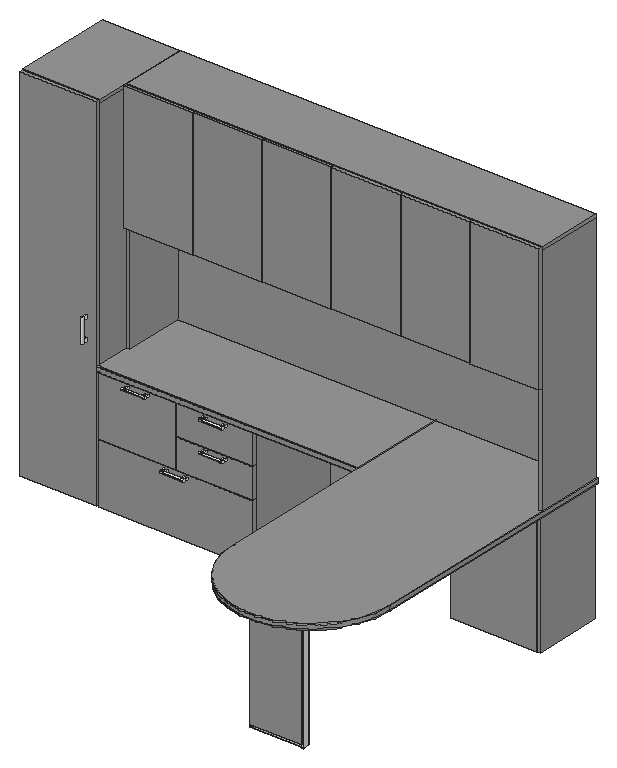
Revit family "JSI-Vision-Typical_Laminate-VST013-", category Furniture, Revit 2020 (continued)
Definition of nested family "JSI-Vision-Executive_Base"
  Forms (in)
    Extrusion 2, solid, material <- "Support Finish"
      sketch origin (0, 0, 0) x (1, 0, 0) y (0, 1, 0)
        loop
          line (3.5, -12.25) -> (3.5, -0.25)
          arc (3.5, -0.25) -> (3.4267767, -0.0732233) -> (3.25, 0) r 0.25
          line (3.25, 0) -> (-3.25, 0)
          arc (-3.25, 0) -> (-3.4267767, -0.0732233) -> (-3.5, -0.25) r 0.25
          line (-3.5, -0.25) -> (-3.5, -12.25)
          arc (-3.5, -12.25) -> (-3.4267767, -12.4267767) -> (-3.25, -12.5) r 0.25
          line (-3.25, -12.5) -> (3.25, -12.5)
          arc (3.25, -12.5) -> (3.4267767, -12.4267767) -> (3.5, -12.25) r 0.25
      from 28.1875 to 28.3125
    Extrusion 3, solid, material <- "Panel Finish"
      sketch origin (0, 0, 0) x (0, 1, 0) y (0, 0, 1)
        loop
          line (0, 28.1875) -> (-12, 28.1875) -> (-12, 0.5) -> (0, 0.5) -> (0, 28.1875)
      from -0.75 to 0.75
  Lines and regions (in)
    symbolic lines
      curve 1: line (3.5, -12.25, 0) -> (3.5, -0.25, 0)
      curve 2: arc (3.5, -0.25, 0) -> (3.4267767, -0.0732233, 0) -> (3.25, 0, 0) r 0.25
      curve 3: line (3.25, 0, 0) -> (-3.25, 0, 0)
      curve 4: arc (-3.25, 0, 0) -> (-3.4267767, -0.0732233, 0) -> (-3.5, -0.25, 0) r 0.25
      curve 5: line (-3.5, -0.25, 0) -> (-3.5, -12.25, 0)
      curve 6: arc (-3.5, -12.25, 0) -> (-3.4267767, -12.4267767, 0) -> (-3.25, -12.5, 0) r 0.25
      curve 7: line (-3.25, -12.5, 0) -> (3.25, -12.5, 0)
      curve 8: arc (3.25, -12.5, 0) -> (3.4267767, -12.4267767, 0) -> (3.5, -12.25, 0) r 0.25
      curve 9: line (0.75, -12.5, 0) -> (0.75, 0, 0)
      curve 10: line (-0.75, 0, 0) -> (-0.75, -12.5, 0)
  Dimensions and locks (in)
    "Height": plane 5 to plane 4
    equal spacing: plane 6, plane 3 "Center Left/Right", plane 7
    plane 6 to plane 7 = 7"
    "Width": plane 8 to plane 1 "Center Front/Back"
    equal spacing: plane 9, plane 3 "Center Left/Right", plane 10, locked at 0.75 each
    "Depth": plane 9 to plane 10
    locked: Sweep 1 sketch curve to plane 4 at 0.5
    locked: plane 11 to plane 5 at 0.125
    locked: Extrusion 3 to plane 4 at 0.5
    locked: Extrusion 3 to plane 8 at 0.5
    aligned and locked: level to plane 2
    aligned and locked: plane 4 to Sweep 1 sketch curve
    aligned and locked: Sweep 1 sketch curve to plane 9
    aligned and locked: Sweep 1 sketch curve to plane 10
    aligned and locked: Extrusion 2 sketch curve to plane 1 "Center Front/Back"
    aligned and locked: plane 8 to Extrusion 2 sketch curve
    aligned and locked: plane 6 to Extrusion 2 sketch curve
    aligned and locked: Extrusion 2 sketch curve to plane 7
    aligned and locked: plane 5 to Extrusion 2
    aligned and locked: plane 11 to Extrusion 2
    aligned and locked: plane 11 to Sweep 1 sketch curve
    aligned and locked: Extrusion 3 to plane 1 "Center Front/Back"
    aligned and locked: Extrusion 3 to plane 11
    aligned and locked: plane 9 to Extrusion 3
    aligned and locked: plane 10 to Extrusion 3
    aligned and locked: curve 2 to Extrusion 2
    aligned and locked: curve 4 to Extrusion 2
    aligned and locked: curve 6 to Extrusion 2
    aligned and locked: curve 8 to Extrusion 2
    aligned and locked: curve 9 to Extrusion 3
    aligned and locked: curve 10 to Extrusion 3
  Automatic sketch dimensions
    Sweep 1 sketch curve to plane 8 = 0"
    Sweep 1 sketch curve to level = 0"
    Sweep 1 sketch curve to plane 1 "Center Front/Back" = 0"
    Sweep 1 sketch curve to Sweep 1 sketch curve = 0.03036"
    Sweep 1 sketch curve to Sweep 1 sketch curve = 1/32"
    profile plane to Sweep 1 sketch curve = 1/32"  (x2)
    Extrusion 2 sketch curve to Extrusion 2 sketch curve = 1/4"  (x2)
    Extrusion 2 sketch curve to plane 6 = 1/4"
    plane 7 to Extrusion 2 sketch curve = 1/4"
    Extrusion 3 sketch curve to plane 8 = 1/2"
    Extrusion 3 sketch curve to Extrusion 3 sketch curve = 12"
    level to Extrusion 3 sketch curve = 1/2"
    plane 11 to Extrusion 3 sketch curve = 0"
Definition of nested family "JSI-Vision-Support_Rail_Work_Surface"
  Parameters (values of type "GP0243SB, Metal Support Rail for Work Surface  2W 43 L 3/4H")
    Width = 43"
    URL = "www.jsifurniture.com"
    Type Comments = ""
    Series = "Vision Casegoods"  # constant formula
    Support Finish = none
    Model = "GP0243SB"
    Material = ""
    Manufacturer = "JSI"  # constant formula
    Keynote = "12500"  # constant formula
    JSI Enviromental Website = "http://www.jsifurniture.com/jsi_sustainability_intro.php"
    Height = 25/32"
    Description = "Metal Support Rail for Work Surface  2W 43 L 3/4H"
    Depth = 2"
    Default Elevation = 0"
    Assembly Code = "E2020200"
  Types (3): name | Width | Model | Description
    GP0243SB, Metal Support Rail for Work Surface  2W 43 L 3/4H | 43" | "GP0243SB" | "Metal Support Rail for Work Surface  2W 43 L 3/4H"
    GP0249SB, Metal Support Rail for Work Surface  2W49 L 3/4H | 49" | "GP0249SB" | "Metal Support Rail for Work Surface  2W49 L 3/4H"
    GP0255SB, Metal Support Rail for Work Surface  2W 55 L 3/4H | 55" | "GP0255SB" | "Metal Support Rail for Work Surface  2W 55 L 3/4H"
  Reference planes (in)
    plane 1 "Center Front/Back": y = 0
    plane 2: z = 0
    plane 3 "Center Left/Right": x = 0
    plane 4: z = 0
    plane 5: z = 27.8122205
    plane 6: x = 43
    plane 7: y = -2
  Forms (in)
    Extrusion 1, solid, material <- "Support Finish"
      sketch origin (0, 0, 0) x (0, 1, 0) y (0, 0, 1)
        loop
          line (0, 27.7497205) -> (0, 27.8122205) -> (-0.533449, 27.8122205) -> (-1, 27.112394) -> (-1.466551, 27.8122205) -> (-2, 27.8122205) -> (-2, 27.7497205) -> (-1.5, 27.7497205) -> (-1.0404758, 27.0604342)
          arc (-1.0404758, 27.0604342) -> (-1, 27.0387722) -> (-0.9595242, 27.0604342) r 0.0486459
          line (-0.9595242, 27.0604342) -> (-0.5, 27.7497205) -> (0, 27.7497205)
      from 0 to 43
  Lines and regions (in)
    symbolic lines
      curve 1: line (0, 0, 0) -> (43, 0, 0)
      curve 2: line (0, -2, 0) -> (0, 0, 0)
      curve 3: line (43, -2, 0) -> (0, -2, 0)
      curve 4: line (43, 0, 0) -> (43, -2, 0)
      curve 5: line (0, -1.466551, 0) -> (43, -1.466551, 0)
      curve 6: line (43, -0.533449, 0) -> (0, -0.533449, 0)
      curve 7: line (0, -1, 0) -> (43, -1, 0)
  Dimensions and locks (in)
    "Width": plane 3 "Center Left/Right" to plane 6
    "Depth": plane 1 "Center Front/Back" to plane 7
    aligned and locked: level to plane 2
    aligned and locked: plane 4 to plane 2
    aligned and locked: Extrusion 1 to plane 3 "Center Left/Right"
    aligned and locked: plane 6 to Extrusion 1
    aligned and locked: plane 3 "Center Left/Right" to curve 2
    aligned and locked: curve 4 to plane 6
    aligned and locked: plane 1 "Center Front/Back" to curve 1
    aligned and locked: plane 7 to curve 3
    aligned and locked: curve 5 to Extrusion 1
    aligned and locked: curve 6 to Extrusion 1
    aligned and locked: curve 7 to Extrusion 1
  Automatic sketch dimensions
    Extrusion 1 sketch curve to plane 7 = 0"
    Extrusion 1 sketch curve to plane 5 = 0"  (x2)
    Extrusion 1 sketch curve to plane 1 "Center Front/Back" = 0"
    Extrusion 1 sketch curve to plane 5 = 1/16"  (x2)
    Extrusion 1 sketch curve to Extrusion 1 sketch curve = 1/2"
    Extrusion 1 sketch curve to Extrusion 1 sketch curve = 0.03345"  (x2)
    Extrusion 1 sketch curve to Extrusion 1 sketch curve = 0.45952"
    Extrusion 1 sketch curve to Extrusion 1 sketch curve = 0.04048"  (x2)
    Extrusion 1 sketch curve to Extrusion 1 sketch curve = 0"
    Extrusion 1 sketch curve to Extrusion 1 sketch curve = 0.53345"
    Extrusion 1 sketch curve to plane 5 = 0.69983"
    Extrusion 1 sketch curve to Extrusion 1 sketch curve = 0.02498"
    Extrusion 1 sketch curve to Extrusion 1 sketch curve = 0.02698"
Definition of nested family "JSI-Vision-Modular_Wing_End_Support"
  Parameters (values of type "Wing End Sup - Type Catalog Family")
    Width = 16"
    URL = "www.jsifurniture.com"
    Series = "Vision Casegoods"  # constant formula
    Pnl Pstn = if(L, 1/8", Width - 7/8")  # 1/8"
    Model = "Type Catalog"
    Manufacturer = "JSI"  # constant formula
    L = yes
    Keynote = "12500"  # constant formula
    JSI Enviromental website = "http://www.jsifurniture.com/jsi_sustainability_intro.php"
    Height = 28"
    Grommet Finish = none
    Description = "Type Catalog"
    Depth = 20"
    Default Elevation = 0"
    Chassis = none
    Assembly Code = "E2020200"
  Reference planes (in)
    plane 1 "Center Front/Back": y = 0
    plane 2: z = 0
    plane 3 "Center Left/Right": x = 0
    plane 4: x = 0.125
    plane 5: x = 15.875
    plane 6: x = 16
    plane 7: y = -0.1875
    plane 8: z = 28
    plane 9: x = 0.875
    plane 10: x = 15.1259985
    plane 11: y = -20
    plane 12: y = -19.8125
    plane 13: y = -0.9375
    plane 14: x = 0.125
    plane 15: x = 15.875
  Forms (in)
    Extrusion 1, solid, material <- "Chassis"
      sketch origin (0, 0, 0) x (1, 0, 0) y (0, 1, 0)
        loop
          line (0.125, -0.1875) -> (0.125, -0.9375) -> (15.875, -0.9375) -> (15.875, -0.1875) -> (0.125, -0.1875)
      from 0 to 28
    Extrusion 2, solid, material <- "Chassis"
      sketch origin (0.125, -0.1875, 48) x (0, 1, 0) y (0, 0, 1)
        loop
          line (-0.75, -20) -> (-19.625, -20) -> (-19.625, -48) -> (-0.75, -48) -> (-0.75, -20)
      from 0 to 0.75
    Extrusion 3, solid, material <- "Chassis"
      sketch origin (15.875, -0.1875, 48) x (0, 1, 0) y (0, 0, 1)
        loop
          line (-0.75, -20) -> (-4.75, -20) -> (-4.75, -48) -> (-0.75, -48) -> (-0.75, -20)
      from -0.7490015 to 0
    Extrusion 4, solid, material <- "Chassis"
      sketch origin (0, 0, 0) x (0, 1, 0) y (0, 0, 1)
        loop
          line (-0.9375, 1.75) -> (-0.9375, 2.5) -> (-2.875, 2.5) -> (-2.875, 1.75) -> (-0.9375, 1.75)
      from 0.875 to 15.1259985
  Lines and regions (in)
    symbolic lines
      curve 1: line (15.875, -0.1875, 0) -> (0.125, -0.1875, 0)
      curve 2: line (0.125, -19.8125, 0) -> (0.125, -0.1875, 0)
      curve 3: line (15.875, -0.1875, 0) -> (15.875, -4.9375, 0)
      curve 4: line (0.125, -0.9375, 0) -> (15.875, -0.9375, 0)
      curve 5: line (0.875, -0.9375, 0) -> (0.875, -19.8125, 0)
      curve 6: line (0.125, -19.8125, 0) -> (0.875, -19.8125, 0)
      curve 7: line (15.1259985, -0.9375, 0) -> (15.1259985, -4.9375, 0)
      curve 8: line (15.1259985, -4.9375, 0) -> (15.875, -4.9375, 0)
  Dimensions and locks (in)
    locked: plane 1 "Center Front/Back" to plane 7 at 0.1875
    "Height": plane 8 to level
    locked: plane 4 to plane 9 at 0.75
    locked: plane 10 to plane 5 at 0.7490015
    "Depth": plane 11 to plane 1 "Center Front/Back"
    "Width": plane 3 "Center Left/Right" to plane 6
    locked: plane 3 "Center Left/Right" to plane 14 at 0.125
    locked: plane 15 to plane 6 at 0.125
    locked: Extrusion 1 to Extrusion 4 at 0.75
    locked: Extrusion 4 to Extrusion 1 at 0.7490015
    "Pnl Pstn": plane 3 "Center Left/Right" to plane 4
    "Pnl Pstn": plane 5 to plane 6
    locked: plane 12 to plane 11 at 0.1875
    Extrusion 4 to Extrusion 4 to plane 2 = 3/4" locked, 1 3/4" locked
    locked: plane 13 to Extrusion 4 at 1.9375
    aligned and locked: level to plane 2
    aligned and locked: Extrusion 1 sketch curve to plane 7
    aligned and locked: Extrusion 2 sketch curve to level
    aligned and locked: Extrusion 3 sketch curve to plane 8
    aligned and locked: level to Extrusion 3 sketch curve
    aligned and locked: Extrusion 2 to plane 12
    aligned and locked: plane 13 to Extrusion 2
    aligned and locked: plane 9 to Extrusion 2
    aligned and locked: Extrusion 2 to plane 4
    aligned and locked: Extrusion 1 to plane 14
    aligned and locked: plane 15 to Extrusion 1
    aligned and locked: curve 6 to plane 12
    aligned and locked: plane 13 to Extrusion 4 sketch curve
    aligned and locked: plane 13 to Extrusion 3
    aligned and locked: plane 14 to curve 1
  Automatic sketch dimensions
    plane 11 to Extrusion 3 sketch curve = 15 1/16"
    Extrusion 2 sketch curve to plane 8 = 0"
    plane 12 to Extrusion 2 sketch curve = 0"
    Extrusion 1 sketch curve to plane 7 = 3/4"
    Extrusion 2 sketch curve to plane 7 = 3/4"
    Extrusion 3 sketch curve to plane 7 = 3/4"
    Extrusion 1 sketch curve to plane 4 = 0"
    plane 5 to Extrusion 1 sketch curve = 0"
    curve 7 to plane 10 = 0"
    curve 3 to plane 5 = 0"
    curve 2 to plane 4 = 0"
    curve 6 to plane 9 = 0"
    curve 1 to plane 15 = 0"
    curve 4 to plane 13 = 0"
    curve 7 to plane 13 = 0"
    curve 5 to plane 13 = 0"
    curve 2 to plane 7 = 0"
    level to Extrusion 4 sketch curve = 1 3/4"
    Extrusion 4 sketch curve to Extrusion 4 sketch curve = 3/4"
    curve 3 to curve 4 = 4"
    Extrusion 4 sketch curve to plane 13 = 1 15/16"
